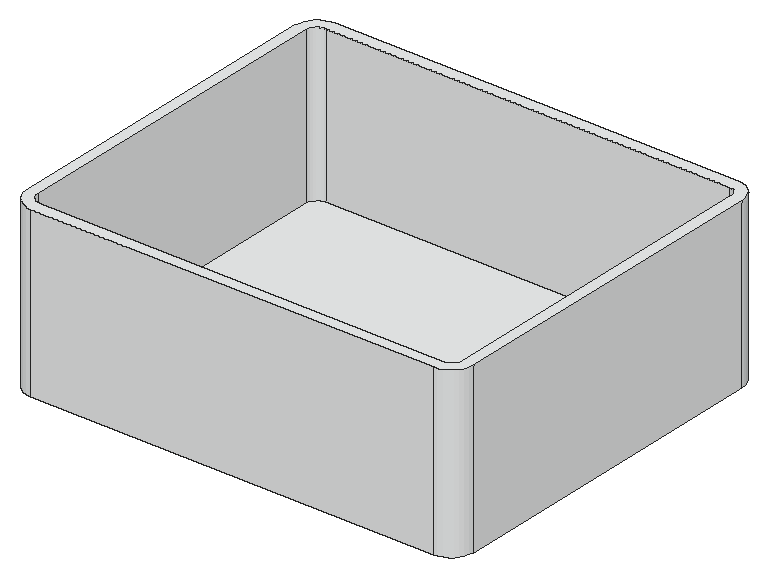
Revit family "Cuba_Retangular_Sobrepor", category Plumbing Fixtures, Revit 2025
Family settings
  Round Connector Dimension = Use Diameter
  Part Type = Normal
  OmniClass Number = 23.45.00.00
  OmniClass Title = Sanitary, Laundry, and Cleaning Equipment
  Work Plane-Based = No
  Enable Cutting in Views = No
  Always vertical = Yes
  Cut with Voids When Loaded = No
  Maintain Annotation Orientation = No
  Shared = No
  Room Calculation Point = Yes
Parameters (values of type "Cuba_Sobrepor_R")
  Material_Cuba = CT_Louças_Sanitárias
  Default Elevation = 0 mm
  Cuba_Profundidade [instance] = 340 mm
  Cuba_Largura [instance] = 400 mm
  Cuba_Altura [instance] = 150 mm
Reference planes
  plane 1 "Frontal": y = 0
  plane 2: z = 0
  plane 3 "Lateral": x = 0
Forms (mm)
  Extrusion 1, solid, material "CT_Louças_Sanitárias" <- "Material_Cuba"
    sketch origin (0, 0, 0) x (1, 0, 0) y (0, 1, 0)
      loop
        arc (-180, 170) -> (-194.142, 164.142) -> (-200, 150) r 20
        line (-200, 150) -> (-200, -150)
        arc (-200, -150) -> (-194.142, -164.142) -> (-180, -170) r 20
        line (-180, -170) -> (180, -170)
        arc (180, -170) -> (194.142, -164.142) -> (200, -150) r 20
        line (200, -150) -> (200, 150)
        arc (200, 150) -> (194.142, 164.142) -> (180, 170) r 20
        line (180, 170) -> (-180, 170)
      loop
        arc (-180, 160) -> (-187.071, 157.071) -> (-190, 150) r 10
        line (-190, 150) -> (-190, -150)
        arc (-190, -150) -> (-187.071, -157.071) -> (-180, -160) r 10
        line (-180, -160) -> (180, -160)
        arc (180, -160) -> (187.071, -157.071) -> (190, -150) r 10
        line (190, -150) -> (190, 150)
        arc (190, 150) -> (187.071, 157.071) -> (180, 160) r 10
        line (180, 160) -> (-180, 160)
    from 0 to 150
  Extrusion 2, solid, material "CT_Louças_Sanitárias" <- "Material_Cuba"
    sketch origin (0, 0, 0) x (1, 0, 0) y (0, 1, 0)
      loop
        arc (-200, -150) -> (-194.142, -164.142) -> (-180, -170) r 20
        line (-180, -170) -> (180, -170)
        arc (180, -170) -> (194.142, -164.142) -> (200, -150) r 20
        line (200, -150) -> (200, 150)
        arc (200, 150) -> (194.142, 164.142) -> (180, 170) r 20
        line (180, 170) -> (-180, 170)
        arc (-180, 170) -> (-194.142, 164.142) -> (-200, 150) r 20
        line (-200, 150) -> (-200, -150)
      loop
        circle (0, 0) r 13.59
    from 0 to 11.225
Cuts and joins
  joined: Extrusion 1, Extrusion 2
Dimensions and locks
  equal spacing: Extrusion 1 sketch curve, plane 3 "Lateral", Extrusion 1 sketch curve  (x2)
  equal spacing: Extrusion 1 sketch curve, plane 1 "Frontal", Extrusion 1 sketch curve  (x2)
  Extrusion 1 to level = 150 mm
  "Cuba_Largura": cut or joined group of Extrusion 1, Extrusion 2 to cut or joined group of Extrusion 1, Extrusion 2
  "Cuba_Profundidade": cut or joined group of Extrusion 1, Extrusion 2 to cut or joined group of Extrusion 1, Extrusion 2
  "Cuba_Altura": cut or joined group of Extrusion 1, Extrusion 2 to level
  radius of Extrusion 2 sketch curve = 13.59 mm
  aligned and locked: level to plane 2
  aligned and locked: Extrusion 1 to level
  aligned and locked: Extrusion 2 sketch curve to Extrusion 1  (x4)
Automatic sketch dimensions
  Extrusion 1 sketch curve to Extrusion 1 sketch curve = 0 mm  (x8)
  Extrusion 1 sketch curve to plane 3 "Lateral" = 200 mm
  Extrusion 1 sketch curve to Extrusion 1 sketch curve = 10 mm  (x5)
  plane 1 "Frontal" to Extrusion 1 sketch curve = 170 mm
  plane 1 "Frontal" to Extrusion 2 sketch curve = 0 mm
  Extrusion 2 sketch curve to plane 3 "Lateral" = 0 mm
